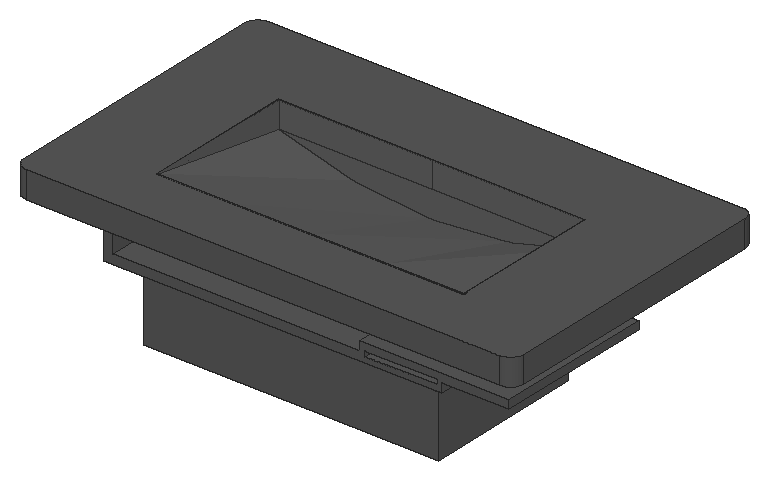
Revit family "HORIZONTAL MINI LED STEP LIGHT", category Lighting Fixtures, host Face, Revit 2020
Family settings
  Host = Face
  Round Connector Dimension = Use Diameter
  Part Type = Normal
  Cut with Voids When Loaded = No
  Light Source = Yes
  Shared = No
  Room Calculation Point = No
Parameters (values of type "HMSL03304-BK")
  Wattage = 0.67321 W
  WATTS = 3 W
  built-in parameter 1150110 = 1 (stored number, unit not read)
  Voltage = 120 V
  URL = "https://www.abovealllighting.com/Product/LED-OUTDOOR-FIXTURES/LEDWallLight/HorizontalMiniLEDStepLight.html"
  Type Comments = "HORIZONTAL MINI LED STEP LIGHT"  # constant formula
  built-in parameter 1114217 = 1 (stored number, unit not read)
  Tilt Angle = 170.00°
  built-in parameter 1150109 = 1 (stored number, unit not read)
  built-in parameter 1150134 = (empty or 0)
  built-in parameter 1150113 = 1 (stored number, unit not read)
  Photometric Web File = "HMSL03304-BK_IESNA2002.IES"
  Order number = "15666"  # constant formula
  Model = "HMSL03304-BK"
  Manufacturer = "Above All Lighting"  # constant formula
  built-in parameter 1150105 = 7.9577 (stored number, unit not read)
  Lumens = 100 lm
  built-in parameter 1150115 = 1 (stored number, unit not read)
  built-in parameter 1150137 = (empty or 0)
  built-in parameter 1150139 = (empty or 0)
  built-in parameter 1150112 = 1 (stored number, unit not read)
  built-in parameter 1150114 = 1 (stored number, unit not read)
  Lamp = "LED"
  built-in parameter 1150132 = 2
  built-in parameter 1150102 = (empty or 0)
  built-in parameter 1150107 = 3000 (stored number, unit not read)
  built-in parameter 1150138 = (empty or 0)
  built-in parameter 1150106 = 0.079577 (stored number, unit not read)
  IP Rating = "Wet Location"  # constant formula
  GLASS = Glass
  Fixture Width = 0' - 2 7/8"
  Fixture Length = 0' - 4 3/4"
  Fixture Height = 0' - 1 1/2"
  Finish/Color = ALUMINUM BLACK
  built-in parameter 1150104 = 13.8 (stored number, unit not read)
  Dimming Lamp Color Temperature Shift = <None>
  Description = "3W LED step/wall lights are available in a horizontal configuration for mounting into a Junction box. \r\nFor poured concrete and masonry installations.For indoor and protected outdoor use."  # constant formula
  Default Elevation = 4' - 0"
  Color Filter = 16777215
  CRI = "80"  # constant formula
  built-in parameter 1114218 = 1 (stored number, unit not read)
  Average life based on 104F(HRS) = "17500"  # constant formula
  built-in parameter 1150133 = 10 (stored number, unit not read)
  Apparent Load = WATTS / 0.8  # 3.75 VA
Reference planes (in)
  plane 1 "Center (Front/Back)": y = 0
  plane 2: z = 0
  plane 3 "Center (Left/Right)": x = 0
  plane 4: x = -2.375
  plane 5: x = 2.375
  plane 6: y = -1.4375
  plane 7: y = 1.4375
  plane 8: z = -1.25
  plane 9: y = 0.56352
  plane 10: z = 0.00489
Forms (in)
  Extrusion 1, void
    sketch origin (0, 0, 0) x (1, 0, 0) y (0, 1, 0)
      loop
        line (-1.95793, 0.65815) -> (-1.95793, -0.87944) -> (1.8898, -0.87944) -> (1.8898, 0.65815) -> (-1.95793, 0.65815)
    from -1.25 to 0
Dimensions and locks (in)
  equal spacing: plane 4, plane 3 "Center (Left/Right)", plane 5
  "Fixture Length": plane 4 to plane 5
  equal spacing: plane 7, plane 1 "Center (Front/Back)", plane 6
  "Fixture Width": plane 7 to plane 6
  locked: plane 2 to plane 8 at 1.25
  plane 10 to plane 2 = 0' - 0.00489"
  aligned and locked: plane 2 to host face
  aligned and locked: level to host face
  aligned and locked: plane 3 "Center (Left/Right)" to nested 1
  aligned and locked: plane 2 to nested 1
  aligned and locked: Extrusion 1 to nested 1
  aligned and locked: level to Extrusion 1
Automatic sketch dimensions
  host sketch curve to host sketch curve = 8' - 0"  (x2)
  plane 4 to Extrusion 1 sketch curve = 0' - 0.41707"
  Extrusion 1 sketch curve to plane 5 = 0' - 0.4852"
  plane 6 to Extrusion 1 sketch curve = 0' - 0.55806"
  Extrusion 1 sketch curve to plane 1 "Center (Front/Back)" = 0' - 0.65815"
Nested families (in)
  nested 1: "HORIZONTAL NEST FAMILY" at (0, 0, -1.25), Fixture Length <- "Fixture Length", Fixture Width <- "Fixture Width", Body Material <- "Finish/Color", GLASS <- "GLASS", type "HORIZONTAL NEST FAMILY"
    with GLASS Glass, Fixture Width 0' - 2 7/8", Fixture Length 0' - 4 3/4", Body Material ALUMINUM BLACK
Connectors (in)
  electrical at (0, 0, 0), driven by "Voltage", driven by "Apparent Load"
    settings: on host face, index 1, voltage 120 V, apparent load 3.75 VA, apparent load phase1 0 VA, apparent load phase2 0 VA, apparent load phase3 0 VA, power factor 1, load classification "Lighting", number of poles 1, system type 30, power factor state 1, is connector primary yes, connector utility no, sub classification motor no, connector description ""
Definition of nested family "HORIZONTAL NEST FAMILY"
  Parameters (values of type "HORIZONTAL NEST FAMILY")
    GLASS [instance] = none
    Fixture Width [instance] = 0' - 2 7/8"
    Fixture Length [instance] = 0' - 4 3/4"
    Fixture Height = 0' - 1 1/2"
    Default Elevation = 0' - 0"
    Body Material [instance] = none
  Reference planes (in)
    plane 1 "Center (Front/Back)": y = 0
    plane 2: z = 0
    plane 3 "Center (Left/Right)": x = 0
    plane 4: y = 1.4375
    plane 5: y = -1.4375
    plane 6: x = -2.375
    plane 7: x = 2.375
    plane 8: z = 1.5
    plane 9: z = 1.25
    plane 10: z = 0.91557
  Forms (in)
    Extrusion 1, solid, material <- "Body Material"
      sketch origin (0, 0, 0) x (1, 0, 0) y (0, 1, 0)
        loop
          arc (-2.25, 1.4375) -> (-2.33839, 1.40089) -> (-2.375, 1.3125) r 0.125
          line (-2.375, 1.3125) -> (-2.375, -1.3125)
          arc (-2.375, -1.3125) -> (-2.33839, -1.40089) -> (-2.25, -1.4375) r 0.125
          line (-2.25, -1.4375) -> (2.25, -1.4375)
          arc (2.25, -1.4375) -> (2.33839, -1.40089) -> (2.375, -1.3125) r 0.125
          line (2.375, -1.3125) -> (2.375, 1.3125)
          arc (2.375, 1.3125) -> (2.33839, 1.40089) -> (2.25, 1.4375) r 0.125
          line (2.25, 1.4375) -> (-2.25, 1.4375)
      from 1.25 to 1.5
    Extrusion 2, void
      sketch origin (0, 0, 0) x (1, 0, 0) y (0, 1, 0)
        loop
          line (-1.45807, 0.56352) -> (-1.45807, -0.87944) -> (0, -0.87944) -> (1.45807, -0.87944) -> (1.45807, 0.56352) -> (0, 0.56352) -> (-1.45807, 0.56352)
      from 1.25 to 4.70366
    SweptBlend 3, solid, material <- "Body Material"
      path origin (0, 0, 0) x (0, 1, 0) y (0, 0, 1)
        loop
          line (-0.87944, 1.25) -> (0.56352, 1.25)
      profile origin (0, -0.87944, 1.25) x (0, 0, 1) y (1, 0, 0)
        loop
          line (0.25, 1.45841) -> (-0.00189, 1.45841) -> (-0.00189, -1.45862) -> (0.25, -1.45862) -> (0.25, 1.45841)
      end profile origin (0, 0.56352, 1.25) x (0, 0, 1) y (1, 0, 0)
        loop
          line (0, 1.45807) -> (0, 1.74622)
          arc (0, 1.74622) -> (-0.39633, 0) -> (0, -1.74622) r 4.04512
          line (0, -1.74622) -> (0, -1.45807)
          arc (0, -1.45807) -> (-0.25568, 0) -> (0, 1.45807) r 4.28524
    SweptBlend 4, solid, material <- "Body Material"
      path origin (0, 0, 0) x (0, 1, 0) y (0, 0, 1)
        loop
          line (-0.87944, 1.25) -> (0.56847, 1.25)
      profile origin (0, -0.87944, 1.25) x (0, 0, 1) y (1, 0, 0)
        loop
          line (0.00177, -1.875) -> (0.00177, -1.39766) -> (-0.1472, -1.39766) -> (-0.37712, -1.39766) -> (-0.37712, -1.43885) -> (-0.33443, -1.43885) -> (-0.33443, -1.875) -> (0.00177, -1.875)
      end profile origin (0, 0.56847, 1.25) x (0, 0, 1) y (1, 0, 0)
        loop
          line (0, -1.875) -> (0, -1.74622) -> (-0.1473, -1.39737) -> (-0.37271, -1.39737) -> (-0.37271, -1.43716) -> (-0.33443, -1.43716) -> (-0.33443, -1.875) -> (0, -1.875)
    SweptBlend 5, solid, material <- "Body Material"
      path origin (0, 0, 0) x (0, 1, 0) y (0, 0, -1)
        loop
          line (-0.87944, -1.25) -> (0.56847, -1.25)
      profile origin (0, -0.87944, 1.25) x (0, 0, -1) y (-1, 0, 0)
        loop
          line (-0.00177, -1.875) -> (0.33443, -1.875) -> (0.33443, -1.43885) -> (0.37712, -1.43885) -> (0.37712, -1.39766) -> (0.1472, -1.39766) -> (-0.00177, -1.39766) -> (-0.00177, -1.875)
      end profile origin (0, 0.56847, 1.25) x (0, 0, -1) y (-1, 0, 0)
        loop
          line (0, -1.875) -> (0.33443, -1.875) -> (0.33443, -1.43716) -> (0.37271, -1.43716) -> (0.37271, -1.39737) -> (0.1473, -1.39737) -> (0, -1.74622) -> (0, -1.875)
    Extrusion 6, solid, material <- "Body Material"
      sketch origin (0, 0, 0) x (1, 0, 0) y (0, 0, 1)
        loop
          line (-1.875, 1.25177) -> (-1.95793, 1.25177) -> (-1.95793, 0.5876) -> (1.25469, 0.5876) -> (1.25469, 0.67224) -> (1.8898, 0.67224) -> (1.8898, 0.75167) -> (0.46609, 0.75167) -> (0.46609, 0.67224) -> (-1.875, 0.67224) -> (-1.875, 1.25177)
        loop
          line (1.21344, 0.69265) -> (0.52139, 0.69265) -> (0.52139, 0.64258) -> (1.21344, 0.64258) -> (1.21344, 0.69265)
      from -0.65815 to 0.87944
    Extrusion 7, solid, material <- "Body Material"
      sketch origin (0, 0, 0) x (1, 0, 0) y (0, 0, 1)
        loop
          line (1.74622, 1.25) -> (-1.74622, 1.25)
          arc (-1.74622, 1.25) -> (0, 0.85367) -> (1.74622, 1.25) r 4.04512
      from -0.65815 to -0.56352
    Extrusion 8, solid, material <- "Body Material"
      sketch origin (0, 0, 0) x (1, 0, 0) y (0, 0, 1)
        loop
          line (1.21942, 0.5876) -> (0, 0.5876) -> (-1.58628, 0.5876) -> (-1.58628, 0) -> (0, 0) -> (1.21942, 0) -> (1.21942, 0.5876)
      from -0.65815 to 0.87944
    Extrusion 9, solid, material <- "GLASS"
      sketch origin (0, 0, 0) x (1, 0, 0) y (0, 1, 0)
        loop
          line (-1.45807, 0.56847) -> (-1.45807, -0.87944) -> (1.45807, -0.87944) -> (1.45807, 0.56847) -> (-1.45807, 0.56847)
      from 1.45229 to 1.5
  Cuts and joins
    Extrusion 2 cuts Extrusion 1
  Dimensions and locks (in)
    equal spacing: plane 6, plane 3 "Center (Left/Right)", plane 7
    "Fixture Length": plane 6 to plane 7
    equal spacing: plane 4, plane 1 "Center (Front/Back)", plane 5
    "Fixture Width": plane 4 to plane 5
    "Fixture Height": plane 8 to plane 2
    locked: plane 8 to plane 9 at 0.25
    locked: cut or joined group of Extrusion 1, Extrusion 2 to Extrusion 9 at 0.04771
    aligned and locked: plane 2 to level
    aligned and locked: Extrusion 1 sketch curve to plane 4
    aligned and locked: plane 6 to Extrusion 1 sketch curve
    aligned and locked: plane 5 to Extrusion 1 sketch curve
    aligned and locked: Extrusion 1 sketch curve to plane 7
    aligned and locked: plane 8 to Extrusion 1
    aligned and locked: Extrusion 1 to plane 9
    aligned and locked: Extrusion 2 to plane 9
    aligned and locked: Extrusion 1 to Extrusion 2
    aligned and locked: Extrusion 6 to Extrusion 7
    aligned and locked: Extrusion 7 to cut or joined group of Extrusion 1, Extrusion 2
    aligned and locked: Extrusion 6 to Extrusion 8
    aligned and locked: Extrusion 8 to cut or joined group of Extrusion 1, Extrusion 2
    aligned and locked: plane 8 to Extrusion 9
    aligned and locked: Extrusion 9 to cut or joined group of Extrusion 1, Extrusion 2
    aligned and locked: cut or joined group of Extrusion 1, Extrusion 2 to Extrusion 9
  Automatic sketch dimensions
    plane 6 to Extrusion 1 sketch curve = 0' - 0 1/8"
    Extrusion 1 sketch curve to plane 4 = 0' - 0 1/8"  (x2)
    plane 5 to Extrusion 1 sketch curve = 0' - 0 1/8"
    Extrusion 2 sketch curve to plane 3 "Center (Left/Right)" = 0' - 0"  (x2)
    plane 6 to Extrusion 2 sketch curve = 0' - 0.91693"
    Extrusion 2 sketch curve to plane 7 = 0' - 0.91693"
    plane 5 to Extrusion 2 sketch curve = 0' - 0.55806"
    Extrusion 2 sketch curve to plane 1 "Center (Front/Back)" = 0' - 0.56352"
    SweptBlend 3 sketch curve to plane 9 = 0' - 0"
    plane 5 to SweptBlend 3 sketch curve = 0' - 0.55806"
    SweptBlend 3 sketch curve to plane 1 "Center (Front/Back)" = 0' - 0.56352"
    profile plane to SweptBlend 3 sketch curve = 0' - 0.00189"
    SweptBlend 3 sketch curve to profile plane = 0' - 0 1/4"
    SweptBlend 3 sketch curve to plane 3 "Center (Left/Right)" = 0' - 1.45862"
    plane 3 "Center (Left/Right)" to SweptBlend 3 sketch curve = 0' - 1.45841"
    SweptBlend 3 sketch curve to profile plane = 0' - 0"  (x2)
    SweptBlend 3 sketch curve to plane 3 "Center (Left/Right)" = 0' - 0"  (x2)
    SweptBlend 3 sketch curve to profile plane = 0' - 3.6488"
    SweptBlend 3 sketch curve to SweptBlend 3 sketch curve = 0' - 0.38076"
    SweptBlend 3 sketch curve to plane 3 "Center (Left/Right)" = 0' - 1.45807"
    SweptBlend 3 sketch curve to SweptBlend 3 sketch curve = 0' - 0.28816"
    SweptBlend 4 sketch curve to plane 9 = 0' - 0"
    plane 5 to SweptBlend 4 sketch curve = 0' - 0.55806"
    SweptBlend 4 sketch curve to plane 1 "Center (Front/Back)" = 0' - 0.56847"
    profile plane to SweptBlend 4 sketch curve = 0' - 0.37712"
    SweptBlend 4 sketch curve to SweptBlend 4 sketch curve = 0' - 0.04269"
    profile plane to SweptBlend 4 sketch curve = 0' - 0.1472"
    SweptBlend 4 sketch curve to profile plane = 0' - 0.00177"
    SweptBlend 4 sketch curve to plane 3 "Center (Left/Right)" = 0' - 1 7/8"  (x2)
    SweptBlend 4 sketch curve to SweptBlend 4 sketch curve = 0' - 0.43615"
    SweptBlend 4 sketch curve to SweptBlend 4 sketch curve = 0' - 0.04119"
    SweptBlend 4 sketch curve to profile plane = 0' - 0"
    profile plane to SweptBlend 4 sketch curve = 0' - 0.1473"
    SweptBlend 4 sketch curve to SweptBlend 4 sketch curve = 0' - 0.18712"
    SweptBlend 4 sketch curve to SweptBlend 4 sketch curve = 0' - 0.03829"
    SweptBlend 4 sketch curve to SweptBlend 4 sketch curve = 0' - 0.12878"
    SweptBlend 4 sketch curve to SweptBlend 4 sketch curve = 0' - 0.43784"
    SweptBlend 4 sketch curve to SweptBlend 4 sketch curve = 0' - 0.03979"
    SweptBlend 5 sketch curve to plane 9 = 0' - 0"
    plane 5 to SweptBlend 5 sketch curve = 0' - 0.55806"
    SweptBlend 5 sketch curve to plane 1 "Center (Front/Back)" = 0' - 0.56847"
    profile plane to SweptBlend 5 sketch curve = 0' - 0.00177"
    SweptBlend 5 sketch curve to profile plane = 0' - 0.1472"
    SweptBlend 5 sketch curve to SweptBlend 5 sketch curve = 0' - 0.18723"
    SweptBlend 5 sketch curve to SweptBlend 5 sketch curve = 0' - 0.04269"
    SweptBlend 5 sketch curve to profile plane = 0' - 1 7/8"  (x2)
    SweptBlend 5 sketch curve to SweptBlend 5 sketch curve = 0' - 0.43615"
    SweptBlend 5 sketch curve to SweptBlend 5 sketch curve = 0' - 0.04119"
    SweptBlend 5 sketch curve to profile plane = 0' - 0"
    SweptBlend 5 sketch curve to profile plane = 0' - 0.1473"
    SweptBlend 5 sketch curve to SweptBlend 5 sketch curve = 0' - 0.18712"
    SweptBlend 5 sketch curve to SweptBlend 5 sketch curve = 0' - 0.03829"
    SweptBlend 5 sketch curve to SweptBlend 5 sketch curve = 0' - 0.12878"
    SweptBlend 5 sketch curve to SweptBlend 5 sketch curve = 0' - 0.43784"
    SweptBlend 5 sketch curve to SweptBlend 5 sketch curve = 0' - 0.03979"
    plane 9 to Extrusion 6 sketch curve = 0' - 0.00177"
    plane 6 to Extrusion 6 sketch curve = 0' - 0.41707"
    Extrusion 6 sketch curve to Extrusion 6 sketch curve = 0' - 0.08293"
    plane 3 "Center (Left/Right)" to Extrusion 6 sketch curve = 0' - 0.46609"
    Extrusion 6 sketch curve to Extrusion 6 sketch curve = 0' - 0.0553"
    Extrusion 6 sketch curve to plane 10 = 0' - 0.22292"
    Extrusion 6 sketch curve to Extrusion 6 sketch curve = 0' - 0.69205"
    Extrusion 6 sketch curve to Extrusion 6 sketch curve = 0' - 0.04125"
    Extrusion 6 sketch curve to plane 7 = 0' - 0.4852"
    Extrusion 6 sketch curve to Extrusion 6 sketch curve = 0' - 0.02041"  (x2)
    Extrusion 6 sketch curve to Extrusion 6 sketch curve = 0' - 0.05008"
    Extrusion 6 sketch curve to Extrusion 6 sketch curve = 0' - 0.05497"
    Extrusion 6 sketch curve to Extrusion 6 sketch curve = 0' - 0.07943"
    Extrusion 7 sketch curve to plane 9 = 0' - 0"
    Extrusion 7 sketch curve to plane 3 "Center (Left/Right)" = 0' - 0"
    plane 8 to Extrusion 7 sketch curve = 0' - 3.3988"
    plane 6 to Extrusion 7 sketch curve = 0' - 0.62878"
    Extrusion 8 sketch curve to level = 0' - 0"
    Extrusion 8 sketch curve to plane 3 "Center (Left/Right)" = 0' - 0"  (x2)
    Extrusion 8 sketch curve to plane 10 = 0' - 0.32797"
    plane 6 to Extrusion 8 sketch curve = 0' - 0.78872"
    Extrusion 8 sketch curve to plane 7 = 0' - 1.15558"
    plane 6 to Extrusion 9 sketch curve = 0' - 0.91693"
    Extrusion 9 sketch curve to plane 7 = 0' - 0.91693"
    plane 5 to Extrusion 9 sketch curve = 0' - 0.55806"
    Extrusion 9 sketch curve to plane 1 "Center (Front/Back)" = 0' - 0.56847"
